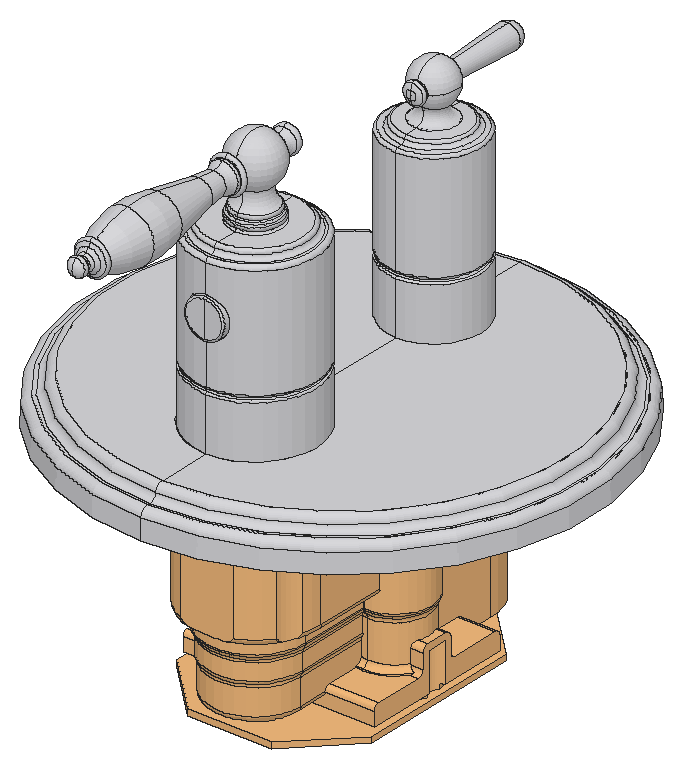
Revit family "Shower-Valve_Trim-KOHLER-MODULO-K-72814T_1", category Plumbing Fixtures, host Face, Revit 2017 (continued)
Definition of nested family "K-72814T"
  Lines and regions (in)
    symbolic lines, detail levels medium+fine
      curve 19: arc (0.04803, -0.80751, 0) -> (0.70719, -1.45426, 0) -> (0.16952, -2.20506, 0) r 0.70985
      curve 20: arc (0.03472, -0.6503, 0) -> (0.86323, -1.44475, 0) -> (0.17566, -2.36388, 0) r 0.86614
      curve 21: arc (0.13407, 1.34918, 0) -> (0.13265, 1.33232, 0) -> (0.14182, 1.3181, 0) r 0.02621
      curve 22: arc (0.14182, 1.3181, 0) -> (0.15368, 1.29949, 0) -> (0.15145, 1.27754, 0) r 0.03361
      curve 23: arc (0.14123, 1.2654, 0) -> (0.12346, 1.25428, 0) -> (0.1047, 1.24492, 0) r 0.21782
      curve 24: arc (0.1047, 1.24492, 0) -> (0.07067, 1.2336, 0) -> (0.03512, 1.22882, 0) r 0.1918
      curve 25: arc (0.03512, 1.22882, 0) -> (0.01756, 1.22804, 0) -> (0, 1.22713, 0) r 2.27439
      curve 26: arc (0.15145, 1.27754, 0) -> (0.14714, 1.27079, 0) -> (0.14123, 1.2654, 0) r 0.03042
      curve 27: line (0.66929, 0, 0.59055) -> (0.66929, 0, 1.33633)
      curve 28: line (0.66929, 0, 1.33633) -> (0.64735, 0, 1.35827)
      curve 29: line (0.77756, 0, 1.35827) -> (0, 0, 1.35827)
      curve 30: line (0.66929, 0, 1.33633) -> (0, 0, 1.33633)
      curve 31: line (0.58071, 0, 1.35827) -> (0.58071, 0, 1.40551)
      curve 32: line (0.77756, 0, 1.40551) -> (-0.77756, 0, 1.40551)
      curve 33: line (-0.66929, 0, 1.33633) -> (-0.64735, 0, 1.35827)
      curve 34: line (-0.77756, 0, 1.35827) -> (0, 0, 1.35827)
      curve 35: line (-0.66929, 0, 1.33633) -> (0, 0, 1.33633)
      curve 36: line (-0.66929, 0, 0.59055) -> (-0.66929, 0, 1.33633)
      curve 37: line (0.66929, 0, 1.4252) -> (0.66929, 0, 2.92762)
      curve 38: arc (0.64972, 0, 1.40551) -> (0.66357, 0, 1.41132) -> (0.66929, 0, 1.4252) r 0.01968
      curve 39: arc (0.66929, 0, 2.92762) -> (0.65995, 0, 2.95295) -> (0.6364, 0, 2.96613) r 0.03899
      curve 40: arc (0.6364, 0, 2.96613) -> (0.59911, 0, 2.97199) -> (0.56181, 0, 2.97773) r 13.19598
      curve 41: arc (0.56181, 0, 2.97773) -> (0.52686, 0, 2.99611) -> (0.51072, 0, 3.03215) r 0.06043
      curve 42: arc (0.51072, 0, 3.03215) -> (0.496, 0, 3.05561) -> (0.46967, 0, 3.06422) r 0.04069
      curve 43: arc (0.46967, 0, 3.06422) -> (0.42379, 0, 3.06926) -> (0.37788, 0, 3.07398) r 6.34023
      curve 44: arc (0.37788, 0, 3.07398) -> (0.34151, 0, 3.07747) -> (0.30513, 0, 3.08075) r 6.32446
      curve 45: arc (0.30513, 0, 3.08075) -> (0.23471, 0, 3.10772) -> (0.18921, 0, 3.16786) r 0.13707
      curve 46: arc (0.18921, 0, 3.16786) -> (0.18192, 0, 3.23079) -> (0.20613, 0, 3.28933) r 0.12619
      curve 47: circle (0, 0, 3.53149) r 0.17711 normal (0, -1, 0)
      curve 48: arc (0.20613, 0, 3.28933) -> (0.25292, 0, 3.33871) -> (0.28814, 0, 3.39692) r 0.31802
      curve 49: line (0.63563, 0, 3.17717) -> (0.18602, 0, 3.17717)
      curve 50: line (0.76629, 0, 3.0591) -> (0.49075, 0, 3.0591)
      curve 51: arc (-0.66929, 0, 2.92762) -> (-0.65995, 0, 2.95295) -> (-0.6364, 0, 2.96613) r 0.03899
      curve 52: arc (-0.6364, 0, 2.96613) -> (-0.59911, 0, 2.97199) -> (-0.56181, 0, 2.97773) r 13.19598
      curve 53: arc (-0.56181, 0, 2.97773) -> (-0.52686, 0, 2.99611) -> (-0.51072, 0, 3.03215) r 0.06043
      curve 54: arc (-0.51072, 0, 3.03215) -> (-0.496, 0, 3.05561) -> (-0.46967, 0, 3.06422) r 0.04069
      curve 55: arc (-0.46967, 0, 3.06422) -> (-0.42379, 0, 3.06926) -> (-0.37788, 0, 3.07398) r 6.34023
      curve 56: arc (-0.37788, 0, 3.07398) -> (-0.34151, 0, 3.07747) -> (-0.30513, 0, 3.08075) r 6.32446
      curve 57: arc (-0.30513, 0, 3.08075) -> (-0.23471, 0, 3.10772) -> (-0.18921, 0, 3.16786) r 0.13707
      curve 58: arc (-0.18921, 0, 3.16786) -> (-0.18192, 0, 3.23079) -> (-0.20613, 0, 3.28933) r 0.12619
      curve 59: line (-0.63563, 0, 3.17717) -> (-0.18602, 0, 3.17717)
      curve 60: line (-0.76629, 0, 3.0591) -> (-0.49075, 0, 3.0591)
      curve 61: line (-0.66929, 0, 1.4252) -> (-0.66929, 0, 2.92762)
      curve 62: line (0.86614, 0, 0.59055) -> (-0.86614, 0, 0.59055)
      curve 63: arc (-0.64972, 0, 1.40551) -> (-0.66357, 0, 1.41132) -> (-0.66929, 0, 1.4252) r 0.01968
      curve 64: line (0, 0.96457, 0.59055) -> (0, 2.30316, 0.59055)
      curve 65: line (0, -2.38188, 0.59055) -> (0, -0.6496, 0.59055)
      curve 66: line (0, -0.73818, 1.35827) -> (0, -2.2933, 1.35827)
      curve 67: line (0, -0.73818, 1.40551) -> (0, -2.2933, 1.40551)
      curve 68: line (0, -2.32976, 2.31112) -> (0, -2.38188, 2.60697)
      curve 69: line (0, -2.38188, 2.01526) -> (0, -2.32976, 2.31112)
      curve 70: line (0, -0.84914, 3.17717) -> (0, -2.18235, 3.17717)
      curve 71: line (0, -0.74905, 3.05905) -> (0, -2.2824, 3.05905)
      curve 72: line (0, 0.96457, 1.33633) -> (0, 2.30316, 1.33633)
      curve 73: line (0, 2.21457, 1.35827) -> (0, 1.05316, 1.35827)
      curve 74: line (0, 2.21457, 1.40551) -> (0, 1.05316, 1.40551)
      curve 75: spline (0, 1.83392, 3.28612) -> (0, 1.82694, 3.2851) -> (0, 1.80686, 3.28416) -> (0, 1.77505, 3.28335) -> (0, 1.73367, 3.28273) -> (0, 1.68552, 3.28234) -> (0, 1.63386, 3.2822) -> (0, 1.58221, 3.28234) -> (0, 1.53406, 3.28273) -> (0, 1.49268, 3.28335) -> (0, 1.46087, 3.28416) -> (0, 1.44079, 3.2851) -> (0, 1.43381, 3.28612)
      curve 76: line (0, 1.92158, 3.40435) -> (0, 1.92158, 3.65864)
      curve 77: line (0, 1.34918, 3.39742) -> (0, 1.34918, 3.66557)
      curve 78: line (0, 2.11126, 3.06343) -> (0, 1.1564, 3.06343)
      curve 79: line (0, 1.93909, 3.08058) -> (0, 1.328, 3.08058)
      curve 80: line (0, 0.99817, 2.96621) -> (0, 2.26957, 2.96621)
      curve 81: line (0, 2.30318, 2.92733) -> (0, 0.96473, 2.92733)
      curve 82: arc (0, -2.4002, 2.58267) -> (0, -2.36285, 2.30701) -> (0, -2.4002, 2.03135) r 1.03585
      curve 83: line (0, 3.36642, 0.3937) -> (0, -3.36794, 0.3937)
      curve 84: line (-0.30513, 0, 3.08075) -> (0.30513, 0, 3.08075)
      curve 85: line (0.47902, 0, 3.06343) -> (-0.47902, 0, 3.06343)
      curve 86: line (-0.51107, 0, 3.02906) -> (0.51107, 0, 3.02906)
      curve 87: line (-0.6359, 0, 2.96621) -> (0.63573, 0, 2.96621)
      curve 88: line (-3.36879, 0, 0.3937) -> (3.36879, 0, 0.3937)
      curve 89: line (0, -0.6496, 1.33633) -> (0, -2.38188, 1.33633)
      curve 90: line (0, 2.30318, 2.92733) -> (0, 0.96473, 2.92733)
      curve 91: arc (-0.31618, -3.1374, 0) -> (-0.36023, -3.32819, 0) -> (-0.38284, -3.52269, 0) r 1.76138
      curve 92: arc (0.31618, -3.1374, 0) -> (0.36023, -3.32819, 0) -> (0.38284, -3.52269, 0) r 1.76138
      curve 93: arc (-0.31618, -3.1374, 0) -> (-0.25729, -2.87163, 0) -> (-0.20977, -2.6036, 0) r 6.3914
      curve 94: arc (-0.20977, -2.6036, 0) -> (-0.18323, -2.43296, 0) -> (-0.1677, -2.26097, 0) r 2.68959
      curve 95: arc (-0.1677, -2.26097, 0) -> (-0.16867, -2.21274, 0) -> (-0.17712, -2.16525, 0) r 0.3095
      curve 96: arc (-0.17712, -2.16525, 0) -> (-0.19134, -2.12684, 0) -> (-0.21294, -2.09205, 0) r 0.204
      curve 97: line (-0.2238, -2.03479, 0) -> (-0.18477, -2.03479, 0)
      curve 98: arc (-0.21294, -2.09205, 0) -> (-0.21668, -2.05465, 0) -> (-0.18477, -2.03479, 0) r 0.03556
      curve 99: arc (-0.23573, -1.9653, 0) -> (-0.17331, -1.92794, 0) -> (-0.13028, -1.86927, 0) r 0.18371
      curve 100: arc (-0.2238, -2.03479, 0) -> (-0.25905, -2.00507, 0) -> (-0.23573, -1.9653, 0) r 0.03577
      curve 101: arc (-0.13028, -1.86927, 0) -> (-0.37426, -1.51498, 0) -> (-0.12189, -1.16661, 0) r 0.3728
      curve 102: arc (-0.12189, -1.16661, 0) -> (-0.1293, -1.08263, 0) -> (-0.17281, -1.01043, 0) r 0.18718
      curve 103: arc (-0.15403, -0.8991, 0) -> (-0.0914, -0.85634, 0) -> (-0.04209, -0.79873, 0) r 0.28819
      curve 104: arc (-0.17281, -1.01043, 0) -> (-0.19158, -0.95001, 0) -> (-0.15403, -0.8991, 0) r 0.07008
      curve 105: arc (0.12189, -1.16661, 0) -> (0.1293, -1.08263, 0) -> (0.17281, -1.01043, 0) r 0.18718
      curve 106: arc (0.15403, -0.8991, 0) -> (0.0914, -0.85634, 0) -> (0.04209, -0.79873, 0) r 0.28819
      curve 107: arc (0.17281, -1.01043, 0) -> (0.19158, -0.95001, 0) -> (0.15403, -0.8991, 0) r 0.07008
      curve 108: arc (-0.04209, -0.79873, 0) -> (0, -0.77587, 0) -> (0.04209, -0.79873, 0) r 0.05019
      curve 109: arc (0.31618, -3.1374, 0) -> (0.25729, -2.87163, 0) -> (0.20977, -2.6036, 0) r 6.3914
      curve 110: arc (0.20977, -2.6036, 0) -> (0.18323, -2.43296, 0) -> (0.1677, -2.26097, 0) r 2.68959
      curve 111: arc (0.1677, -2.26097, 0) -> (0.16867, -2.21274, 0) -> (0.17712, -2.16525, 0) r 0.3095
      curve 112: arc (0.17712, -2.16525, 0) -> (0.19134, -2.12684, 0) -> (0.21294, -2.09205, 0) r 0.204
      curve 113: line (0.2238, -2.03479, 0) -> (0.18477, -2.03479, 0)
      curve 114: arc (0.21294, -2.09205, 0) -> (0.21668, -2.05465, 0) -> (0.18477, -2.03479, 0) r 0.03556
      curve 115: arc (0.23573, -1.9653, 0) -> (0.17331, -1.92794, 0) -> (0.13028, -1.86927, 0) r 0.18371
      curve 116: arc (0.2238, -2.03479, 0) -> (0.25905, -2.00507, 0) -> (0.23573, -1.9653, 0) r 0.03577
      curve 117: arc (0.13028, -1.86927, 0) -> (0.37426, -1.51498, 0) -> (0.12189, -1.16661, 0) r 0.3728
      curve 118: arc (0.16861, -2.2759, 0) -> (0, -0.73711, 0) -> (-0.16861, -2.2759, 0) r 0.77863
      curve 119: line (-0.12189, -1.16661, 0) -> (0.12189, -1.16661, 0)
      curve 120: line (-0.18477, -2.03479, 0) -> (0.18477, -2.03479, 0)
      curve 121: line (-0.23573, -1.9653, 0) -> (0.23573, -1.9653, 0)
      curve 122: line (-0.12008, -1.14066, 0) -> (0.12008, -1.14066, 0)
      curve 123: line (-0.17281, -1.01043, 0) -> (0.17281, -1.01043, 0)
      curve 124: line (-0.17281, -0.91291, 0) -> (0.17281, -0.91291, 0)
      curve 125: line (-0.17712, -2.16525, 0) -> (0.17712, -2.16525, 0)
      curve 126: line (-0.16952, -2.20506, 0) -> (0.16952, -2.20506, 0)
      curve 127: line (-0.27575, -2.33682, 0) -> (-0.27575, -2.40106, 0)
      curve 128: line (-0.25426, -2.42255, 0) -> (-0.18198, -2.42255, 0)
      curve 129: line (0.27575, -2.33682, 0) -> (0.27575, -2.4022, 0)
      curve 130: arc (-0.27575, -2.40106, 0) -> (-0.26946, -2.41626, 0) -> (-0.25426, -2.42255, 0) r 0.02149
      curve 131: arc (0.2554, -2.42255, 0) -> (0.26979, -2.41659, 0) -> (0.27575, -2.4022, 0) r 0.02035
      curve 132: line (0.18198, -2.42255, 0) -> (0.2554, -2.42255, 0)
      curve 133: line (-0.20505, -4.35289, 0) -> (0.20505, -4.35289, 0)
      curve 134: line (-0.21441, -4.42696, 0) -> (0.21441, -4.42696, 0)
      curve 135: line (-0.08852, -4.55227, 0) -> (0.08852, -4.55227, 0)
      curve 136: line (-0.09985, -4.58939, 0) -> (0.09985, -4.58939, 0)
      curve 137: line (-0.12137, -4.67764, 0) -> (0.12137, -4.67764, 0)
      curve 138: arc (0.28021, 0, 3.68189) -> (0, 0, 3.84951) -> (-0.28021, 0, 3.68189) r 0.31802
      curve 139: arc (-0.28817, 0, 3.39699) -> (-0.25295, 0, 3.33874) -> (-0.20613, 0, 3.28933) r 0.31802
      curve 140: line (0, -0.91291, 3.77419) -> (0, -0.91291, 4.11959)
      curve 141: line (0, -1.01043, 3.77285) -> (0, -1.01043, 4.12094)
      curve 142: line (0, -4.35289, 3.74184) -> (0, -4.35289, 4.15195)
      curve 143: line (0, -4.42696, 3.7325) -> (0, -4.42696, 4.16128)
      curve 144: line (0, -4.55227, 3.85837) -> (0, -4.55227, 4.03541)
      curve 145: line (0, -4.58939, 3.84704) -> (0, -4.58939, 4.04674)
      curve 146: line (0, -4.67764, 3.82552) -> (0, -4.67764, 4.06826)
      curve 147: line (0, -1.86292, 3.81944) -> (0, -1.86292, 4.07434)
      curve 148: line (0, -1.96529, 3.71102) -> (0, -1.96529, 4.18276)
      curve 149: line (0, -2.16525, 3.76975) -> (0, -2.16525, 4.12403)
      curve 150: line (0, -2.20506, 3.77829) -> (0, -2.20506, 4.11549)
      curve 151: line (0, -2.03479, 3.76194) -> (0, -2.03479, 4.13184)
      curve 152: line (-0.31372, 0, 3.33989) -> (-0.25382, 0, 3.33989)
      curve 153: line (-0.32587, 0, 3.31564) -> (-0.23354, 0, 3.31564)
      curve 154: line (-0.34432, 0, 3.21656) -> (-0.18076, 0, 3.21656)
      curve 155: line (0.31372, 0, 3.33989) -> (0.25382, 0, 3.33989)
      curve 156: line (0.32587, 0, 3.31564) -> (0.23354, 0, 3.31564)
      curve 157: line (0.34432, 0, 3.21656) -> (0.18076, 0, 3.21656)
      curve 158: line (0, -1.20217, 3.33989) -> (0, -1.82932, 3.33989)
      curve 159: line (0, -1.19002, 3.31563) -> (0, -1.84146, 3.31563)
      curve 160: line (0, -1.17157, 3.21656) -> (0, -1.85992, 3.21656)
      curve 161: line (0, 0.96457, -0.75029) -> (0, 2.30315, -0.75029)
      curve 162: line (0, 1.20101, -0.84872) -> (0, 2.26692, -0.84872)
      curve 163: line (0, 1.18111, -3.02982) -> (0, 1.18111, -3.10856)
      curve 164: line (0, -1.1811, -3.02982) -> (0, -1.1811, -3.10856)
      curve 165: line (0, -0.80708, -3.32696) -> (0, -1.00393, -3.32696)
      curve 166: line (0, 0.80709, -3.32696) -> (0, 1.00394, -3.32696)
      curve 167: line (0, 1.02562, -3.02982) -> (0, -1.01043, -3.02982)
      curve 168: line (0, 1.02572, -2.95502) -> (0, -0.01176, -2.95502)
      curve 169: line (0, -0.01176, -2.95502) -> (0, -1.02561, -2.95502)
      curve 170: line (0, 0.75226, -2.97463) -> (0, -0.75226, -2.97463)
      curve 171: line (0, 0.72788, -3.02982) -> (0, 0.72788, -2.97463)
      curve 172: line (0, 0.29484, -3.02982) -> (0, 0.29484, -2.97463)
      curve 173: line (0, 0.21649, -2.97463) -> (0, 0.21649, -3.02982)
      curve 174: line (0, -0.21677, -2.97463) -> (0, -0.21677, -3.02982)
      curve 175: line (0, -0.29519, -2.97463) -> (0, -0.29519, -3.02982)
      curve 176: line (0, -0.72842, -3.02982) -> (0, -0.72842, -2.97463)
      curve 177: arc (0, 0.21649, -3.02982) -> (0, -0.00014, -3.01895) -> (0, -0.21677, -3.02982) r 2.16493
      curve 178: line (0, 0.1496, -2.95502) -> (0, 0.1496, -2.40384)
      curve 179: line (0, -0.14959, -2.40384) -> (0, 0.1496, -2.40384)
      curve 180: line (0, -0.14959, -2.40384) -> (0, -0.14959, -2.95502)
      curve 181: line (0, 1.12955, -2.7487) -> (0, 1.12955, -2.944)
      curve 182: line (0, 1.00921, -2.76811) -> (0, 1.00921, -2.93114)
      curve 183: line (0, 1.20799, -2.94922) -> (0, 1.20799, -2.74819)
      curve 184: line (0, 1.05201, -2.5922) -> (0, 1.01769, -2.5922)
      curve 185: line (0, 0.31639, -2.70275) -> (0, 0.77794, -2.70275)
      curve 186: line (0, 1.10162, -2.75985) -> (0, 1.10162, -2.93305)
      curve 187: line (0, 0.55594, -2.67089) -> (0, 0.7222, -2.67089)
      curve 188: line (0, 0.31635, -2.68552) -> (0, 0.72805, -2.68552)
      curve 189: arc (0, 1.08837, -2.71749) -> (0, 1.09823, -2.73766) -> (0, 1.10162, -2.75985) r 0.07432
      curve 190: arc (0, 1.08837, -2.68005) -> (0, 1.11847, -2.70867) -> (0, 1.12955, -2.7487) r 0.07781
      curve 191: line (0, 1.08837, -2.71749) -> (0, 1.08837, -2.63968)
      curve 192: arc (0, 1.08837, -2.63968) -> (0, 1.00406, -2.58689) -> (0, 0.90529, -2.57503) r 0.22793
      curve 193: arc (0, 0.7222, -2.63968) -> (0, 0.80652, -2.58689) -> (0, 0.90529, -2.57503) r 0.22793
      curve 194: line (0, 0.7222, -2.63968) -> (0, 1.08837, -2.63968)
      curve 195: line (0, 0.79288, -2.5922) -> (0, 0.47654, -2.5922)
      curve 196: line (0, 0.47758, -2.05107) -> (0, 0.47758, -2.59253)
      curve 197: line (0, 0.55399, -2.67089) -> (0, 0.55399, -2.05107)
      curve 198: arc (0, 0.47758, -2.59253) -> (0, 0.50053, -2.64794) -> (0, 0.55594, -2.67089) r 0.07836
      curve 199: arc (0, 0.55399, -2.05107) -> (0, 0.5875, -1.99179) -> (0, 0.60458, -1.92586) r 0.26163
      curve 200: line (0, 0.60458, -1.92586) -> (0, 0.60457, -1.23203)
      curve 201: line (0, 0.52781, -1.23203) -> (0, 0.52781, -1.92352)
      curve 202: arc (0, 0.52781, -1.92352) -> (0, 0.52488, -1.94446) -> (0, 0.51632, -1.96378) r 0.07629
      curve 203: arc (0, 0.51632, -1.96378) -> (0, 0.49393, -2.00609) -> (0, 0.47758, -2.05107) r 0.34663
      curve 204: arc (0, 0.60457, -1.23203) -> (0, 0.62695, -1.18783) -> (0, 0.63482, -1.13892) r 0.16096
      curve 205: arc (0, 0.53792, -1.19245) -> (0, 0.53038, -1.2116) -> (0, 0.52781, -1.23203) r 0.08249
      curve 206: arc (0, 0.5577, -1.13852) -> (0, 0.54982, -1.16622) -> (0, 0.53792, -1.19245) r 0.19357
      curve 207: line (0, 0.63482, -1.13892) -> (0, 0.63483, -0.91357)
      curve 208: line (0, 0.5577, -1.13852) -> (0, 0.5577, -0.91357)
      curve 209: arc (0, 0.5577, -0.91357) -> (0, 0.56056, -0.84816) -> (0, 0.5691, -0.78325) r 0.75046
      curve 210: arc (0, 0.63483, -0.91357) -> (0, 0.6384, -0.87317) -> (0, 0.64902, -0.83402) r 0.23011
      curve 211: line (0, -0.6496, -0.4349) -> (0, -2.38188, -0.4349)
      curve 212: line (0, -2.25413, -0.45502) -> (0, -0.67216, -0.45502)
      curve 213: arc (0, -0.77729, -0.50366) -> (0, -1.51572, -0.52398) -> (0, -2.25413, -0.50328) r 13.30041
      curve 214: arc (0, -0.91291, -0.59132) -> (0, -1.58626, -0.6031) -> (0, -2.25953, -0.58748) r 16.5561
      curve 215: arc (0, -2.25953, -0.58748) -> (0, -2.28904, -0.58294) -> (0, -2.31686, -0.57212) r 0.13706
      curve 216: arc (0, -0.69887, -0.57337) -> (0, -0.80539, -0.58829) -> (0, -0.91291, -0.59132) r 0.96942
      curve 217: line (0, -0.74318, -1.70673) -> (0, -0.74318, -0.60278)
      curve 218: line (0, -0.77925, -1.6262) -> (0, -0.77925, -0.68147)
      curve 219: line (0, -1.03176, -0.68147) -> (0, -1.03176, -1.6262)
      curve 220: line (0, -1.06784, -0.59646) -> (0, -1.06784, -1.70676)
      curve 221: line (0, -2.05986, -1.63017) -> (0, -2.05986, -0.67582)
      curve 222: line (0, -0.15924, -2.33967) -> (0, 0.15924, -2.33967)
      curve 223: line (0, -0.6496, -0.4349) -> (0, -0.6496, 0)
      curve 224: line (0, -0.6496, -0.43246) -> (0, -0.67216, -0.45502)
      curve 225: line (0, -0.77729, -0.45502) -> (0, -0.77729, -0.50366)
      curve 226: arc (0, -0.69887, -0.57337) -> (0, -0.75145, -0.55356) -> (0, -0.77729, -0.50366) r 0.07843
      curve 227: line (0, -0.69887, -0.57337) -> (0, -0.53182, -0.57337)
      curve 228: line (0, 0.11811, -0.52982) -> (0, -0.11811, -0.52982)
      curve 229: line (0, -0.50796, -0.54951) -> (0, 0.50895, -0.54951)
      curve 230: line (0, -0.59707, -0.65974) -> (0, 0.5687, -0.65974)
      curve 231: line (0, 0.5212, -0.56176) -> (0, -0.52021, -0.56176)
      curve 232: line (0, 0.53191, -0.57247) -> (0, 0.53191, -0.64633)
      curve 233: line (0, 0.53191, -0.64633) -> (0, 0.50314, -0.65974)
      curve 234: arc (0, 1.63765, -0.91357) -> (0, 2.00992, -0.91289) -> (0, 2.38189, -0.89769) r 9.5377
      curve 235: line (0, 0.5577, -0.91357) -> (0, 1.63765, -0.91357)
      curve 236: arc (0, 0.47758, -2.59253) -> (0, 0.37713, -2.60147) -> (0, 0.2763, -2.60308) r 1.38505
      curve 237: line (0, 0.2763, -2.60308) -> (0, 0.2763, -2.39819)
      curve 238: arc (0, 0.13867, -2.2434) -> (0, 0.23993, -2.29195) -> (0, 0.2763, -2.39819) r 0.14525
      curve 239: arc (0, 0.13867, -2.2434) -> (0, 0.00637, -2.24498) -> (0, -0.12593, -2.24275) r 4.58935
      curve 240: line (0, -0.2763, -2.38849) -> (0, -0.2763, -2.60308)
      curve 241: arc (0, -0.12593, -2.24275) -> (0, -0.23197, -2.28378) -> (0, -0.2763, -2.38849) r 0.14581
      curve 242: arc (0, 1.20799, -2.74819) -> (0, 1.16231, -2.63789) -> (0, 1.05201, -2.5922) r 0.15598
      curve 243: arc (0, 1.00921, -2.7636) -> (0, 1.00007, -2.73669) -> (0, 0.97882, -2.71782) r 0.05558
      curve 244: line (0, 1.08837, -2.71782) -> (0, 0.7927, -2.71782)
      curve 245: arc (0, 0.72805, -2.68552) -> (0, 0.76418, -2.69404) -> (0, 0.7927, -2.71782) r 0.08087
      curve 246: line (0, 0.22165, -2.40208) -> (0, 0.22165, -2.60801)
      curve 247: arc (0, 0.15924, -2.33967) -> (0, 0.20337, -2.35795) -> (0, 0.22165, -2.40208) r 0.06241
      curve 248: arc (0, 0.22165, -2.60801) -> (0, 0.2494, -2.675) -> (0, 0.31639, -2.70275) r 0.09474
      curve 249: line (0, 0.23888, -2.39973) -> (0, 0.23888, -2.60805)
      curve 250: arc (0, 0.23888, -2.60805) -> (0, 0.26157, -2.66283) -> (0, 0.31635, -2.68552) r 0.07747
      curve 251: arc (0, 0.16292, -2.32207) -> (0, -0.00047, -2.32432) -> (0, -0.16385, -2.32203) r 5.87315
      curve 252: arc (0, 0.15919, -2.32217) -> (0, 0.2154, -2.34413) -> (0, 0.23888, -2.39973) r 0.07759
      curve 253: line (0, -0.1496, -2.95502) -> (0, -0.1496, -2.40384)
      curve 254: line (0, -1.12955, -2.7487) -> (0, -1.12955, -2.944)
      curve 255: line (0, -1.00921, -2.76811) -> (0, -1.00921, -2.93114)
      curve 256: line (0, -0.31639, -2.70275) -> (0, -0.77794, -2.70275)
      curve 257: line (0, -1.10162, -2.75985) -> (0, -1.10162, -2.93305)
      curve 258: line (0, -0.55399, -2.67089) -> (0, -0.7222, -2.67089)
      curve 259: line (0, -0.31635, -2.68552) -> (0, -0.72805, -2.68552)
      curve 260: arc (0, -1.08837, -2.71749) -> (0, -1.09823, -2.73766) -> (0, -1.10162, -2.75985) r 0.07432
      curve 261: arc (0, -1.08837, -2.68005) -> (0, -1.11847, -2.70867) -> (0, -1.12955, -2.7487) r 0.07781
      curve 262: line (0, -1.08837, -2.71749) -> (0, -1.08837, -2.63968)
      curve 263: arc (0, -1.08837, -2.63968) -> (0, -1.00406, -2.58689) -> (0, -0.90529, -2.57503) r 0.22793
      curve 264: arc (0, -0.7222, -2.63968) -> (0, -0.80652, -2.58689) -> (0, -0.90529, -2.57503) r 0.22793
      curve 265: line (0, -0.7222, -2.63968) -> (0, -1.08837, -2.63968)
      curve 266: arc (0, -0.46893, -2.59359) -> (0, -0.37278, -2.60169) -> (0, -0.2763, -2.60308) r 1.38505
      curve 267: arc (0, -0.13867, -2.2434) -> (0, -0.23996, -2.29199) -> (0, -0.2763, -2.3983) r 0.14525
      curve 268: arc (0, -1.00921, -2.7636) -> (0, -1.00007, -2.73669) -> (0, -0.97882, -2.71782) r 0.05558
      curve 269: line (0, -1.08837, -2.71782) -> (0, -0.7927, -2.71782)
      curve 270: arc (0, -0.72805, -2.68552) -> (0, -0.76418, -2.69404) -> (0, -0.7927, -2.71782) r 0.08087
      curve 271: line (0, -0.22165, -2.40208) -> (0, -0.22165, -2.60801)
      curve 272: arc (0, -0.15924, -2.33967) -> (0, -0.20337, -2.35795) -> (0, -0.22165, -2.40208) r 0.06241
      curve 273: arc (0, -0.22165, -2.60801) -> (0, -0.2494, -2.675) -> (0, -0.31639, -2.70275) r 0.09474
      curve 274: line (0, -0.23888, -2.39973) -> (0, -0.23888, -2.60805)
      curve 275: arc (0, -0.23888, -2.60805) -> (0, -0.26157, -2.66283) -> (0, -0.31635, -2.68552) r 0.07747
      curve 276: arc (0, -0.15919, -2.32217) -> (0, -0.2154, -2.34413) -> (0, -0.23888, -2.39973) r 0.07759
      curve 277: line (0, 0.7222, -2.63968) -> (0, 0.7222, -2.68552)
      curve 278: line (0, -0.7222, -2.63968) -> (0, -0.7222, -2.68552)
      curve 279: line (0, -0.57563, -2.38556) -> (0, -2.15565, -2.38556)
      curve 280: line (0, -2.1661, -2.34619) -> (0, -0.56431, -2.34619)
      curve 281: line (0, -0.57413, -2.33159) -> (0, -2.17332, -2.33159)
      curve 282: line (0, -2.18565, -2.29222) -> (0, -0.57304, -2.29222)
      curve 283: line (0, -2.18565, -2.05108) -> (0, 0.55399, -2.05108)
      curve 284: line (0, -2.19617, -2.01155) -> (0, -0.57217, -2.01155)
      curve 285: line (0, -2.2256, -1.96285) -> (0, -0.59754, -1.96285)
      curve 286: line (0, -2.23448, -1.92348) -> (0, 0.60458, -1.92348)
      curve 287: line (0, -0.61814, -1.78549) -> (0, -1.51574, -1.78549)
      curve 288: line (0, -0.61635, -1.70672) -> (0, -1.51574, -1.7068)
      curve 289: line (0, -0.5288, -1.96285) -> (0, 0.51689, -1.96285)
      curve 290: line (0, -0.50072, -2.01163) -> (0, 0.49153, -2.01163)
      curve 291: arc (0, -0.5288, -1.96285) -> (0, -0.56317, -1.95415) -> (0, -0.59754, -1.96285) r 0.0722
      curve 292: arc (0, -0.5051, -2.01172) -> (0, -0.53862, -2.00462) -> (0, -0.57217, -2.01155) r 0.08369
      curve 293: line (0, -1.51574, -2.8369) -> (0, -1.23592, -2.8369)
      curve 294: line (0, -1.22293, -2.75821) -> (0, -1.51574, -2.75821)
      curve 295: arc (0, -1.51574, -2.75821) -> (0, -1.83603, -2.76338) -> (0, -2.15598, -2.77888) r 9.92824
      curve 296: arc (0, -2.07676, -2.85659) -> (0, -1.79643, -2.84183) -> (0, -1.51574, -2.8369) r 8.0033
      curve 297: line (0, -0.59707, -1.13843) -> (0, -0.59707, -0.65974)
      curve 298: line (0, -0.5648, -1.23813) -> (0, -0.56481, -1.6262)
      curve 299: line (0, -0.49308, -1.6262) -> (0, -0.49308, -1.22359)
      curve 300: arc (0, -0.53928, -1.78483) -> (0, -0.50487, -1.70881) -> (0, -0.49308, -1.6262) r 0.29549
      curve 301: arc (0, -0.56481, -1.6262) -> (0, -0.57928, -1.67443) -> (0, -0.61793, -1.70672) r 0.08758
      curve 302: line (0, -0.53928, -1.92348) -> (0, -0.53928, -1.78378)
      curve 303: line (0, -0.61814, -1.78549) -> (0, -0.61814, -1.92348)
      curve 304: arc (0, -0.53928, -1.78378) -> (0, -0.56185, -1.72928) -> (0, -0.61635, -1.70672) r 0.07706
      curve 305: line (0, -0.49308, -1.6262) -> (0, -1.78803, -1.6262)
      curve 306: arc (0, -2.05986, -1.63017) -> (0, -2.21537, -1.63611) -> (0, -2.37076, -1.64473) r 9.05727
      curve 307: line (0, -1.78803, -1.6262) -> (0, -1.78803, -0.67582)
      curve 308: arc (0, -1.78803, -0.67582) -> (0, -1.8076, -0.62858) -> (0, -1.85484, -0.60902) r 0.06681
      curve 309: arc (0, -1.85484, -0.60902) -> (0, -1.9161, -0.60383) -> (0, -1.97736, -0.60902) r 0.36422
      curve 310: arc (0, -1.97736, -0.60902) -> (0, -2.03058, -0.62764) -> (0, -2.05986, -0.67582) r 0.08356
      curve 311: arc (0, -1.78803, -1.63017) -> (0, -1.8076, -1.67741) -> (0, -1.85484, -1.69698) r 0.06681
      curve 312: arc (0, -1.85484, -1.69698) -> (0, -1.9161, -1.70216) -> (0, -1.97736, -1.69698) r 0.36422
      curve 313: arc (0, -1.97736, -1.69698) -> (0, -2.03058, -1.67835) -> (0, -2.05986, -1.63017) r 0.08356
      curve 314: line (0, -0.52474, -1.13843) -> (0, -0.52474, -0.68269)
      curve 315: arc (0, -1.03176, -1.6262) -> (0, -1.04069, -1.66997) -> (0, -1.06605, -1.70676) r 0.1118
      curve 316: arc (0, -0.74318, -1.70673) -> (0, -0.76982, -1.67032) -> (0, -0.77925, -1.6262) r 0.10793
      curve 317: arc (0, -1.06784, -0.60278) -> (0, -1.04121, -0.63819) -> (0, -1.03176, -0.68147) r 0.10387
      curve 318: arc (0, -0.77925, -0.68147) -> (0, -0.76981, -0.63819) -> (0, -0.74318, -0.60278) r 0.10387
      curve 319: line (0, 0.63482, -1.13843) -> (0, -0.59707, -1.13843)
      curve 320: line (0, 0.6137, -1.2178) -> (0, 0.54482, -1.17854)
      curve 321: line (0, 0.54525, -1.17756) -> (0, -0.5101, -1.17756)
      curve 322: arc (0, -0.5648, -1.23813) -> (0, -0.59057, -1.19145) -> (0, -0.59967, -1.13892) r 0.16096
      curve 323: arc (0, -0.50277, -1.19245) -> (0, -0.49637, -1.20754) -> (0, -0.49308, -1.22359) r 0.08249
      curve 324: arc (0, -0.52256, -1.13843) -> (0, -0.51468, -1.16618) -> (0, -0.50277, -1.19245) r 0.19357
      curve 325: line (0, -0.57854, -1.2178) -> (0, -0.50966, -1.17854)
      curve 326: line (0, 0.60457, -1.23203) -> (0, -0.56682, -1.23203)
      curve 327: line (0, 0.60457, -1.23203) -> (0, 0.53792, -1.19245)
      curve 328: line (0, 0.53792, -1.19245) -> (0, -0.50277, -1.19245)
      curve 329: line (0, -0.50277, -1.19245) -> (0, -0.56682, -1.23203)
      curve 330: arc (0, 0.55399, -2.67089) -> (0, 0.43763, -2.67941) -> (0, 0.32101, -2.68258) r 2.53753
      curve 331: line (0, 0.24182, -2.39881) -> (0, 0.24182, -2.60372)
      curve 332: arc (0, 0.32101, -2.68258) -> (0, 0.26503, -2.65959) -> (0, 0.24182, -2.60372) r 0.07886
      curve 333: arc (0, -0.55399, -2.67089) -> (0, -0.43763, -2.67941) -> (0, -0.32101, -2.68258) r 2.53753
      curve 334: line (0, -0.24182, -2.39785) -> (0, -0.24182, -2.60372)
      curve 335: arc (0, -0.32101, -2.68258) -> (0, -0.26503, -2.65959) -> (0, -0.24182, -2.60372) r 0.07886
      curve 336: arc (0, 0.16292, -2.32207) -> (0, 0.21858, -2.34378) -> (0, 0.24182, -2.39881) r 0.07678
      curve 337: arc (0, -0.16385, -2.32203) -> (0, -0.21885, -2.34348) -> (0, -0.24182, -2.39785) r 0.07585
      curve 338: arc (0, 0.15919, -2.32217) -> (0, 0.14717, -2.30569) -> (0, 0.14227, -2.28589) r 0.05299
      curve 339: arc (0, 0.14227, -2.28589) -> (0, 0.13946, -2.26473) -> (0, 0.13867, -2.2434) r 0.22339
      curve 340: arc (0, 0.12871, -2.32292) -> (0, 0.11611, -2.30619) -> (0, 0.11097, -2.28589) r 0.05299
      curve 341: arc (0, 0.11097, -2.28589) -> (0, 0.10819, -2.26509) -> (0, 0.10737, -2.24412) r 0.22339
      curve 342: arc (0, -0.15919, -2.32217) -> (0, -0.14717, -2.30569) -> (0, -0.14227, -2.28589) r 0.05299
      curve 343: arc (0, -0.14227, -2.28589) -> (0, -0.13946, -2.26473) -> (0, -0.13867, -2.2434) r 0.22339
      curve 344: arc (0, -0.12871, -2.32291) -> (0, -0.11611, -2.30619) -> (0, -0.11097, -2.28589) r 0.05299
      curve 345: arc (0, -0.11097, -2.28589) -> (0, -0.10815, -2.26468) -> (0, -0.10738, -2.24329) r 0.22339
      curve 346: line (0, 2.0541, -2.95294) -> (0, 2.0541, -1.77391)
      curve 347: line (0, 1.82066, -2.94991) -> (0, 1.82066, -1.77391)
      curve 348: line (0, 1.82066, -1.77391) -> (0, 2.0541, -1.77391)
      curve 349: line (0, 1.23878, -0.8684) -> (0, 2.32257, -0.8684)
      curve 350: arc (0, 1.23878, -0.8684) -> (0, 1.18949, -0.84459) -> (0, 1.1356, -0.83488) r 0.20203
      curve 351: arc (0, 1.1356, -0.83488) -> (0, 0.98736, -0.82884) -> (0, 0.83909, -0.82329) r 45.25604
      curve 352: arc (0, 0.83909, -0.82329) -> (0, 0.79324, -0.81909) -> (0, 0.74814, -0.80983) r 0.41409
      curve 353: line (0, 0.74814, -0.80983) -> (0, 0.7142, -0.80983)
      curve 354: line (0, 0.63551, -0.73115) -> (0, 0.63551, -0.64418)
      curve 355: arc (0, 0.7142, -0.80983) -> (0, 0.65856, -0.78678) -> (0, 0.63551, -0.73115) r 0.07868
      curve 356: line (0, 0.5687, -0.74196) -> (0, 0.5687, -0.65974)
      curve 357: line (0, 0.57489, -0.75619) -> (0, 0.63249, -0.7332)
      curve 358: line (0, 0.5687, -0.67954) -> (0, 0.63249, -0.65407)
      curve 359: line (0, 0.71093, -0.81189) -> (0, 0.6541, -0.83457)
      curve 360: line (0, 0.66161, -0.83488) -> (0, 1.1356, -0.83488)
      curve 361: arc (0, 0.5687, -0.74196) -> (0, 0.59591, -0.80766) -> (0, 0.66161, -0.83488) r 0.09291
      curve 362: line (0, -0.59707, -0.68149) -> (0, -0.77944, -0.68149)
      curve 363: line (0, -0.77944, -0.68149) -> (0, -1.02944, -0.68149)
      curve 364: line (0, -1.02944, -0.68149) -> (0, -1.78803, -0.68149)
      curve 365: arc (0, -2.35195, -0.66456) -> (0, -2.20595, -0.67137) -> (0, -2.05986, -0.67582) r 9.08051
      curve 366: arc (0, -2.35195, -0.66456) -> (0, -2.36959, -0.66211) -> (0, -2.38188, -0.64922) r 0.02706
      curve 367: line (0, -0.50796, -0.54951) -> (0, -0.53182, -0.57337)
      curve 368: line (0, -0.53182, -0.57337) -> (0, -0.53182, -0.63761)
      curve 369: line (0, -0.50969, -0.65974) -> (0, -0.53182, -0.63761)
      curve 370: arc (0, -0.52474, -0.68269) -> (0, -0.5236, -0.67099) -> (0, -0.52021, -0.65974) r 0.06033
      curve 371: arc (0, 0.5687, -0.67954) -> (0, -0.01419, -0.684) -> (0, -0.59707, -0.67954) r 38.01423
      curve 372: line (0, -0.57304, -2.05108) -> (0, -0.57304, -2.29222)
      curve 373: line (0, -0.57563, -2.58723) -> (0, -0.57563, -2.38556)
      curve 374: line (0, -0.57563, -2.38556) -> (0, -0.57304, -2.29222)
      curve 375: line (0, -0.49719, -2.58723) -> (0, -0.49719, -2.38556)
      curve 376: line (0, -0.4946, -2.29222) -> (0, -0.4946, -2.05108)
      curve 377: arc (0, -0.56431, -2.34619) -> (0, -0.5254, -2.35676) -> (0, -0.49719, -2.38556) r 0.07691
      curve 378: arc (0, -0.49644, -2.37097) -> (0, -0.53058, -2.342) -> (0, -0.57413, -2.33159) r 0.09633
      curve 379: arc (0, -0.57304, -2.29222) -> (0, -0.53231, -2.28622) -> (0, -0.49464, -2.30285) r 0.07425
      curve 380: arc (0, -0.49719, -2.38556) -> (0, -0.49525, -2.33891) -> (0, -0.4946, -2.29222) r 1.68756
      curve 381: line (0, -0.7222, -2.66505) -> (0, -0.57501, -2.66505)
      curve 382: arc (0, -0.57501, -2.66505) -> (0, -0.51998, -2.64226) -> (0, -0.49719, -2.58723) r 0.07783
      curve 383: line (0, -0.49719, -2.58723) -> (0, -0.80557, -2.58723)
      curve 384: line (0, -1.06502, -2.58636) -> (0, -1.00254, -2.58636)
      curve 385: arc (0, -1.06502, -2.58636) -> (0, -1.17646, -2.63252) -> (0, -1.22262, -2.74396) r 0.1576
      curve 386: arc (0, -1.22262, -2.74396) -> (0, -1.22596, -2.79091) -> (0, -1.23592, -2.8369) r 0.33149
      curve 387: arc (0, -1.08837, -2.66893) -> (0, -1.12916, -2.69654) -> (0, -1.14445, -2.74335) r 0.07597
      curve 388: arc (0, -1.14445, -2.74335) -> (0, -1.14709, -2.82977) -> (0, -1.15748, -2.9156) r 0.96176
      curve 389: arc (0, -1.15748, -2.9156) -> (0, -1.18058, -2.85982) -> (0, -1.23636, -2.83672) r 0.07888
      curve 390: line (0, -1.15748, -2.9156) -> (0, -1.20644, -2.93538)
      curve 391: line (0, -1.23592, -2.8369) -> (0, -1.28524, -2.85659)
      curve 392: arc (0, 1.00921, -2.93114) -> (0, 1.00222, -2.94802) -> (0, 0.98533, -2.95502) r 0.02388
      curve 393: arc (0, 1.20799, -2.94922) -> (0, 1.15355, -2.94936) -> (0, 1.10162, -2.93305) r 0.17806
      curve 394: line (0, 1.00921, -2.93114) -> (0, 1.10162, -2.93305)
      curve 395: line (0, 1.20799, -2.74819) -> (0, 1.13073, -2.74819)
      curve 396: line (0, 1.13073, -2.74819) -> (0, 1.10162, -2.75985)
      curve 397: line (0, -1.00921, -2.93114) -> (0, -1.10162, -2.93305)
      curve 398: line (0, -1.22362, -2.7433) -> (0, -1.14292, -2.7433)
      curve 399: line (0, -1.14292, -2.7433) -> (0, -1.10162, -2.75985)
      curve 400: line (0, -1.06551, -2.61991) -> (0, -1.06551, -2.58661)
      curve 401: arc (0, 0.78516, -2.95502) -> (0, 0.74775, -2.99242) -> (0, 0.78516, -3.02982) r 0.0374
      curve 402: arc (0, -0.78516, -2.95502) -> (0, -0.74775, -2.99242) -> (0, -0.78516, -3.02982) r 0.0374
      curve 403: line (0, -0.49719, -2.58723) -> (0, -0.46893, -2.59359)
      curve 404: line (0, 1.63777, -2.94922) -> (0, 1.63777, -0.8684)
      curve 405: line (0, 0.96457, -0.75029) -> (0, 0.96457, 0)
      curve 406: line (0, 0.98442, -0.75029) -> (0, 0.98442, -0.82873)
      curve 407: line (0, -0.62174, -0.60278) -> (0, -0.74318, -0.60278)
      curve 408: arc (0, -0.59707, -0.65974) -> (0, -0.60646, -0.62999) -> (0, -0.62174, -0.60278) r 0.15154
      curve 409: line (0, -0.74318, -0.60278) -> (0, -1.51884, -0.60278)
      curve 410: line (0, 0.53191, -0.57337) -> (0, 0.5647, -0.57337)
      curve 411: arc (0, 0.5647, -0.57337) -> (0, 0.61477, -0.59411) -> (0, 0.63551, -0.64418) r 0.07081
      curve 412: line (0, 0.50895, -0.54951) -> (0, 0.53191, -0.57247)
      curve 413: arc (0, -1.51574, -1.7068) -> (0, -1.90554, -1.71068) -> (0, -2.29517, -1.72226) r 19.7451
      curve 414: arc (0, -1.51574, -1.78549) -> (0, -1.87533, -1.79206) -> (0, -2.23443, -1.81177) r 9.84117
      curve 415: line (0, -2.37076, -1.64473) -> (0, -2.37076, -0.66147)
      curve 416: line (0, -2.35195, -1.64311) -> (0, -2.35195, -0.66456)
      curve 417: arc (0, -2.28515, -1.72187) -> (0, -2.333, -1.69475) -> (0, -2.35195, -1.64311) r 0.07983
      curve 418: arc (0, -2.28515, -1.72187) -> (0, -2.34512, -1.70235) -> (0, -2.37076, -1.64473) r 0.07756
      curve 419: arc (0, -2.29517, -1.72226) -> (0, -2.3144, -1.72424) -> (0, -2.33322, -1.7286) r 0.15427
      curve 420: line (0.66957, 0, 0) -> (0.66957, 0, -0.75029)
      curve 421: line (1.28098, 0, -0.56156) -> (0.66957, 0, -0.56156)
      curve 422: line (0.66957, 0, -0.57221) -> (1.28207, 0, -0.57221)
      curve 423: line (0.66957, 0, -0.63682) -> (1.28207, 0, -0.63682)
      curve 424: line (0.66957, 0, -0.64792) -> (1.28098, 0, -0.64792)
      curve 425: line (0.66957, 0, -0.65925) -> (1.25914, 0, -0.65925)
      curve 426: line (0.79878, 0, -0.68497) -> (1.31892, 0, -0.68497)
      curve 427: arc (0.66957, 0, -0.68046) -> (0.73413, 0, -0.68384) -> (0.79878, 0, -0.68497) r 1.85232
      curve 428: line (0.79878, 0, -0.7747) -> (0.79878, 0, -0.65925)
      curve 429: line (0.71533, 0, -0.75029) -> (0.00027, 0, -0.75029)
      curve 430: line (0.87016, 0, -0.90512) -> (0.87016, 0, -1.19271)
      curve 431: arc (0.87016, 0, -0.90512) -> (0.82481, 0, -0.79564) -> (0.71533, 0, -0.75029) r 0.15483
      curve 432: line (0.72951, 0, -0.83455) -> (0.00028, 0, -0.83455)
      curve 433: line (0.80808, 0, -2.95198) -> (0.80808, 0, -0.91312)
      curve 434: arc (0.80808, 0, -0.91312) -> (0.78507, 0, -0.85756) -> (0.72951, 0, -0.83455) r 0.07857
      curve 435: line (0.65034, 0, -0.83455) -> (0.65034, 0, -0.75029)
      curve 436: line (0.80808, 0, -0.91312) -> (0.29981, 0, -0.89537)
      curve 437: line (0.80808, 0, -0.91312) -> (0.87016, 0, -0.91312)
      curve 438: arc (0.7661, 0, -0.84359) -> (0.78221, 0, -0.8092) -> (0.80154, 0, -0.77651) r 0.39647
      curve 439: arc (0.7321, 0, -0.83459) -> (0.72753, 0, -0.79549) -> (0.7321, 0, -0.75639) r 0.16948
      curve 440: line (0.24757, 0, -0.86846) -> (0.79416, 0, -0.86846)
      curve 441: line (0.30326, 0, -2.44776) -> (0.30326, 0, -0.92298)
      curve 442: arc (0.30326, 0, -0.92298) -> (0.29967, 0, -0.89482) -> (0.28913, 0, -0.86846) r 0.11222
      curve 443: arc (0.30326, 0, -0.92298) -> (0.28192, 0, -0.89053) -> (0.24948, 0, -0.8692) r 0.09596
      curve 444: arc (0.24948, 0, -0.8692) -> (0.12596, 0, -0.84393) -> (0, 0, -0.83856) r 0.7927
      curve 445: line (0.30326, 0, -1.19237) -> (0.39185, 0, -1.19237)
      curve 446: line (0.39185, 0, -1.19237) -> (0.39185, 0, -2.44983)
      curve 447: line (1.3185, 0, -1.13838) -> (0.80808, 0, -1.13838)
      curve 448: line (1.30848, 0, -1.17752) -> (0.87156, 0, -1.17752)
      curve 449: arc (0.87156, 0, -1.17752) -> (0.8353, 0, -1.18686) -> (0.80808, 0, -1.21257) r 0.07501
      curve 450: line (1.30095, 0, -1.19271) -> (0.87131, 0, -1.19271)
      curve 451: arc (0.87131, 0, -1.19271) -> (0.83409, 0, -1.20333) -> (0.80808, 0, -1.23199) r 0.07053
      curve 452: line (1.28952, 0, -1.23199) -> (0.80808, 0, -1.23199)
      curve 453: line (1.28952, 0, -1.92352) -> (0.80808, 0, -1.92352)
      curve 454: line (1.27918, 0, -1.96285) -> (0.87111, 0, -1.96285)
      curve 455: arc (0.87111, 0, -1.96285) -> (0.83481, 0, -1.97249) -> (0.80808, 0, -1.99887) r 0.07316
      curve 456: line (1.25152, 0, -2.01172) -> (0.87153, 0, -2.01172)
      curve 457: arc (0.87153, 0, -2.01172) -> (0.8342, 0, -2.02236) -> (0.80808, 0, -2.05107) r 0.07084
      curve 458: line (1.24173, 0, -2.05107) -> (0.80808, 0, -2.05107)
      curve 459: line (1.21867, 0, -2.39825) -> (1.21867, 0, -2.57595)
      curve 460: line (1.15626, 0, -2.39825) -> (1.15626, 0, -2.57438)
      curve 461: arc (1.30295, 0, -2.3225) -> (1.24393, 0, -2.34159) -> (1.21867, 0, -2.39825) r 0.07618
      curve 462: arc (1.19816, 0, -2.25905) -> (1.16696, 0, -2.32557) -> (1.15626, 0, -2.39825) r 0.25221
      curve 463: arc (1.24095, 0, -2.24522) -> (1.21713, 0, -2.24465) -> (1.19816, 0, -2.25905) r 0.03606
      curve 464: arc (1.34455, 0, -2.63968) -> (1.26221, 0, -2.58672) -> (1.165, 0, -2.57509) r 0.21814
      curve 465: arc (1.165, 0, -2.57509) -> (1.0648, 0, -2.58686) -> (0.97885, 0, -2.63968) r 0.23428
      curve 466: line (1.34455, 0, -2.63968) -> (0.97885, 0, -2.63968)
      curve 467: line (1.34455, 0, -2.63968) -> (1.34455, 0, -2.68534)
      curve 468: line (1.34455, 0, -2.68534) -> (1.01549, 0, -2.68534)
      curve 469: line (0.97885, 0, -2.63968) -> (0.97885, 0, -2.67426)
      curve 470: line (1.30295, 0, -2.60689) -> (1.30295, 0, -2.4012)
      curve 471: line (1.21867, 0, -2.39825) -> (1.30295, 0, -2.4012)
      curve 472: line (1.30295, 0, -2.4012) -> (1.34814, 0, -2.4012)
      curve 473: line (1.30295, 0, -2.4012) -> (1.30295, 0, -2.3225)
      curve 474: line (1.34814, 0, -2.60689) -> (1.30295, 0, -2.60689)
      curve 475: line (1.34814, 0, -2.71886) -> (1.05381, 0, -2.71886)
      curve 476: arc (1.05381, 0, -2.71886) -> (1.02114, 0, -2.68847) -> (0.97885, 0, -2.67426) r 0.10572
      curve 477: line (1.34814, 0, -2.76366) -> (0.87779, 0, -2.74723)
      curve 478: line (0.87779, 0, -2.74723) -> (0.80808, 0, -2.74723)
      curve 479: line (0.97885, 0, -2.67426) -> (0.8844, 0, -2.67426)
      curve 480: line (1.03581, 0, -2.59916) -> (0.86781, 0, -2.59226)
      curve 481: line (0.86781, 0, -2.59226) -> (0.80808, 0, -2.59226)
      curve 482: line (1.19925, 0, -2.71886) -> (1.19925, 0, -2.95502)
      curve 483: line (1.34814, 0, -2.92996) -> (0.87996, 0, -2.94426)
      curve 484: arc (0.87996, 0, -2.94426) -> (0.84387, 0, -2.94675) -> (0.80808, 0, -2.95198) r 0.47289
      curve 485: line (1.28446, 0, -2.95502) -> (0, 0, -2.95502)
      curve 486: arc (0.8802, 0, -2.95502) -> (0.84411, 0, -2.95426) -> (0.80808, 0, -2.95198) r 0.85909
      curve 487: arc (0.23315, 0, -1.23199) -> (0.11686, 0, -1.24431) -> (0, 0, -1.24843) r 1.6636
      curve 488: arc (0.30326, 0, -1.19237) -> (0.27195, 0, -1.21881) -> (0.23315, 0, -1.23199) r 0.11029
      curve 489: arc (0.23315, 0, -1.23199) -> (0.31467, 0, -1.22087) -> (0.39185, 0, -1.19237) r 0.3779
      curve 490: line (0.39185, 0, -1.19237) -> (0.35646, 0, -1.23199)
      curve 491: arc (0.19256, 0, -1.27339) -> (0.27701, 0, -1.26259) -> (0.35646, 0, -1.23199) r 0.35509
      curve 492: arc (0, 0, -1.28191) -> (0.0962, 0, -1.27585) -> (0.19256, 0, -1.27339) r 2.58955
      curve 493: line (0.01473, 0, -2.46202) -> (0.01473, 0, -1.28075)
      curve 494: line (0, 0, -2.4625) -> (0.52453, 0, -2.44554)
      curve 495: line (0, 0, -2.50236) -> (0.35646, 0, -2.48991)
      curve 496: arc (0.35646, 0, -2.48991) -> (0.44298, 0, -2.47714) -> (0.52453, 0, -2.44554) r 0.39263
      curve 497: line (0.35646, 0, -2.52926) -> (0, 0, -2.5417)
      curve 498: arc (0.52453, 0, -2.44554) -> (0.44957, 0, -2.50563) -> (0.35646, 0, -2.52926) r 0.22658
      curve 499: line (0.47327, 0, -2.95502) -> (0.47327, 0, -2.49198)
      curve 500: line (1.0074, 0, -2.97472) -> (0.39821, 0, -2.97472)
      curve 501: arc (0.39821, 0, -2.97472) -> (0.38519, 0, -2.97144) -> (0.37529, 0, -2.96239) r 0.02747
      curve 502: line (0, 0, -2.97436) -> (0.3506, 0, -2.97436)
      curve 503: arc (0.3506, 0, -2.97436) -> (0.36804, 0, -2.96908) -> (0.37962, 0, -2.95502) r 0.03144
      curve 504: line (0.53248, 0, -3.02982) -> (0.53248, 0, -2.97472)
      curve 505: line (0.59154, 0, -3.02982) -> (0.59154, 0, -3.10862)
      curve 506: line (0.21775, 0, -3.02982) -> (0.21775, 0, -2.97436)
      curve 507: line (1.28952, 0, -3.02982) -> (0, 0, -3.02982)
      curve 508: line (0.96522, 0, -2.97472) -> (0.96522, 0, -3.01926)
      curve 509: line (0.96522, 0, -3.01926) -> (0.68851, 0, -3.02982)
      curve 510: arc (0.8844, 0, -2.67426) -> (0.82839, 0, -2.64988) -> (0.80808, 0, -2.59226) r 0.07652
      curve 511: line (0.78616, 0, -2.94997) -> (0.78616, 0, -1.77398)
      curve 512: line (0.68997, 0, -1.77398) -> (0.78616, 0, -1.77398)
      curve 513: line (0.68997, 0, -1.77398) -> (0.68997, 0, -2.95502)
      curve 514: line (0.52453, 0, -2.95502) -> (0.52453, 0, -2.44554)
      curve 515: line (0.87131, 0, -1.19271) -> (0.86932, 0, -1.23199)
      curve 516: line (0.86932, 0, -1.23199) -> (0.86932, 0, -1.92359)
      curve 517: line (0.86781, 0, -2.05113) -> (0.86781, 0, -2.59226)
      curve 518: line (0.86781, 0, -2.05113) -> (0.87033, 0, -2.01188)
      curve 519: line (0.87033, 0, -2.01188) -> (0.87033, 0, -1.96283)
      curve 520: line (0.87033, 0, -1.96283) -> (0.86932, 0, -1.92359)
      curve 521: arc (0.86781, 0, -2.59226) -> (0.872, 0, -2.63409) -> (0.8844, 0, -2.67426) r 0.211
      curve 522: line (-0.66957, 0, 0) -> (-0.66957, 0, -0.75029)
      curve 523: line (-1.28098, 0, -0.56156) -> (-0.66957, 0, -0.56156)
      curve 524: line (-0.66957, 0, -0.57221) -> (-1.28207, 0, -0.57221)
      curve 525: line (-0.66957, 0, -0.63682) -> (-1.28207, 0, -0.63682)
      curve 526: line (-0.66957, 0, -0.64792) -> (-1.28098, 0, -0.64792)
      curve 527: line (-0.66957, 0, -0.65925) -> (-1.25914, 0, -0.65925)
      curve 528: line (-0.80464, 0, -0.68497) -> (-1.32478, 0, -0.68497)
      curve 529: arc (-0.66957, 0, -0.68004) -> (-0.73706, 0, -0.68373) -> (-0.80464, 0, -0.68497) r 1.85232
      curve 530: line (-0.79878, 0, -0.7747) -> (-0.79878, 0, -0.65925)
      curve 531: line (-0.71533, 0, -0.75029) -> (0.00027, 0, -0.75029)
      curve 532: line (-0.87016, 0, -0.90512) -> (-0.87016, 0, -1.13838)
      curve 533: arc (-0.87016, 0, -0.90512) -> (-0.82481, 0, -0.79564) -> (-0.71533, 0, -0.75029) r 0.15483
      curve 534: line (-0.72951, 0, -0.83455) -> (0.00028, 0, -0.83455)
      curve 535: line (-0.80808, 0, -2.95198) -> (-0.80808, 0, -0.91312)
      curve 536: arc (-0.80808, 0, -0.91312) -> (-0.78507, 0, -0.85756) -> (-0.72951, 0, -0.83455) r 0.07857
      curve 537: line (-0.65034, 0, -0.83455) -> (-0.65034, 0, -0.75029)
      curve 538: line (-0.80808, 0, -0.91312) -> (-0.29981, 0, -0.89537)
      curve 539: line (-0.80808, 0, -0.91312) -> (-0.87016, 0, -0.91312)
      curve 540: arc (-0.7661, 0, -0.84359) -> (-0.78221, 0, -0.8092) -> (-0.80154, 0, -0.77651) r 0.39647
      curve 541: arc (-0.7321, 0, -0.83459) -> (-0.72753, 0, -0.79549) -> (-0.7321, 0, -0.75639) r 0.16948
      curve 542: line (-0.24757, 0, -0.86846) -> (-0.79416, 0, -0.86846)
      curve 543: line (-0.30326, 0, -2.44776) -> (-0.30326, 0, -0.92298)
      curve 544: arc (-0.30326, 0, -0.92298) -> (-0.29967, 0, -0.89482) -> (-0.28913, 0, -0.86846) r 0.11222
      curve 545: arc (-0.30326, 0, -0.92298) -> (-0.28192, 0, -0.89053) -> (-0.24948, 0, -0.8692) r 0.09596
      curve 546: arc (-0.24948, 0, -0.8692) -> (-0.12596, 0, -0.84393) -> (0, 0, -0.83856) r 0.7927
      curve 547: line (-0.30326, 0, -1.19237) -> (-0.39185, 0, -1.19237)
      curve 548: line (-0.39185, 0, -1.19237) -> (-0.39185, 0, -2.44983)
      curve 549: line (-1.3185, 0, -1.13838) -> (-0.80808, 0, -1.13838)
      curve 550: line (-1.30848, 0, -1.17752) -> (-0.87156, 0, -1.17752)
      curve 551: arc (-0.87156, 0, -1.17752) -> (-0.8353, 0, -1.18686) -> (-0.80808, 0, -1.21257) r 0.07501
      curve 552: line (-1.30095, 0, -1.19271) -> (-0.87131, 0, -1.19271)
      curve 553: arc (-0.87131, 0, -1.19271) -> (-0.83409, 0, -1.20333) -> (-0.80808, 0, -1.23199) r 0.07053
      curve 554: line (-1.28952, 0, -1.23199) -> (-0.80808, 0, -1.23199)
      curve 555: line (-1.28952, 0, -1.92352) -> (-0.80808, 0, -1.92352)
      curve 556: line (-1.27918, 0, -1.96285) -> (-0.87111, 0, -1.96285)
      curve 557: arc (-0.87111, 0, -1.96285) -> (-0.83481, 0, -1.97249) -> (-0.80808, 0, -1.99887) r 0.07316
      curve 558: line (-1.25152, 0, -2.01172) -> (-0.87153, 0, -2.01172)
      curve 559: arc (-0.87153, 0, -2.01172) -> (-0.8342, 0, -2.02236) -> (-0.80808, 0, -2.05107) r 0.07084
      curve 560: line (-1.24173, 0, -2.05107) -> (-0.80808, 0, -2.05107)
      curve 561: line (-1.21867, 0, -2.39825) -> (-1.21867, 0, -2.57595)
      curve 562: line (-1.15626, 0, -2.39825) -> (-1.15626, 0, -2.57438)
      curve 563: arc (-1.30295, 0, -2.3225) -> (-1.24393, 0, -2.34159) -> (-1.21867, 0, -2.39825) r 0.07618
      curve 564: arc (-1.19816, 0, -2.25905) -> (-1.16696, 0, -2.32557) -> (-1.15626, 0, -2.39825) r 0.25221
      curve 565: arc (-1.24095, 0, -2.24522) -> (-1.21713, 0, -2.24465) -> (-1.19816, 0, -2.25905) r 0.03606
      curve 566: arc (-1.34455, 0, -2.63968) -> (-1.26221, 0, -2.58672) -> (-1.165, 0, -2.57509) r 0.21814
      curve 567: arc (-1.165, 0, -2.57509) -> (-1.0648, 0, -2.58686) -> (-0.97885, 0, -2.63968) r 0.23428
      curve 568: line (-1.34455, 0, -2.63968) -> (-0.97885, 0, -2.63968)
      curve 569: line (-1.34455, 0, -2.63968) -> (-1.34455, 0, -2.68534)
      curve 570: line (-1.34455, 0, -2.68534) -> (-1.01549, 0, -2.68534)
      curve 571: line (-0.97885, 0, -2.63968) -> (-0.97885, 0, -2.67426)
      curve 572: line (-1.30295, 0, -2.60689) -> (-1.30295, 0, -2.4012)
      curve 573: line (-1.21867, 0, -2.39825) -> (-1.30295, 0, -2.4012)
      curve 574: line (-1.30295, 0, -2.4012) -> (-1.34814, 0, -2.4012)
      curve 575: line (-1.30295, 0, -2.4012) -> (-1.30295, 0, -2.3225)
      curve 576: line (-1.34814, 0, -2.60689) -> (-1.30295, 0, -2.60689)
      curve 577: line (-1.34814, 0, -2.71886) -> (-1.05381, 0, -2.71886)
      curve 578: arc (-1.05381, 0, -2.71886) -> (-1.02114, 0, -2.68847) -> (-0.97885, 0, -2.67426) r 0.10572
      curve 579: line (-1.34814, 0, -2.76366) -> (-0.87779, 0, -2.74723)
      curve 580: line (-0.87779, 0, -2.74723) -> (-0.80808, 0, -2.74723)
      curve 581: line (-0.97885, 0, -2.67426) -> (-0.8844, 0, -2.67426)
      curve 582: line (-1.03581, 0, -2.59916) -> (-0.86781, 0, -2.59226)
      curve 583: line (-0.86781, 0, -2.59226) -> (-0.80808, 0, -2.59226)
      curve 584: line (-1.19925, 0, -2.71886) -> (-1.19925, 0, -2.95502)
      curve 585: line (-1.34814, 0, -2.92996) -> (-0.87996, 0, -2.94426)
      curve 586: arc (-0.87996, 0, -2.94426) -> (-0.84387, 0, -2.94675) -> (-0.80808, 0, -2.95198) r 0.47289
      curve 587: line (-1.28446, 0, -2.95502) -> (0, 0, -2.95502)
      curve 588: arc (-0.8802, 0, -2.95502) -> (-0.84411, 0, -2.95426) -> (-0.80808, 0, -2.95198) r 0.85909
      curve 589: arc (-0.23315, 0, -1.23199) -> (-0.11686, 0, -1.24431) -> (0, 0, -1.24843) r 1.6636
      curve 590: arc (-0.30326, 0, -1.19237) -> (-0.27195, 0, -1.21881) -> (-0.23315, 0, -1.23199) r 0.11029
      curve 591: arc (-0.23315, 0, -1.23199) -> (-0.31467, 0, -1.22087) -> (-0.39185, 0, -1.19237) r 0.3779
      curve 592: line (-0.39185, 0, -1.19237) -> (-0.35646, 0, -1.23199)
      curve 593: arc (-0.19256, 0, -1.27339) -> (-0.27701, 0, -1.26259) -> (-0.35646, 0, -1.23199) r 0.35509
      curve 594: arc (0, 0, -1.28191) -> (-0.0962, 0, -1.27585) -> (-0.19256, 0, -1.27339) r 2.58955
      curve 595: line (-0.01473, 0, -2.46202) -> (-0.01473, 0, -1.28075)
      curve 596: line (0, 0, -2.4625) -> (-0.52453, 0, -2.44554)
      curve 597: line (0, 0, -2.50236) -> (-0.35646, 0, -2.48991)
      curve 598: arc (-0.35646, 0, -2.48991) -> (-0.44298, 0, -2.47714) -> (-0.52453, 0, -2.44554) r 0.39263
      curve 599: line (-0.35646, 0, -2.52926) -> (0, 0, -2.5417)
      curve 600: arc (-0.52453, 0, -2.44554) -> (-0.44957, 0, -2.50563) -> (-0.35646, 0, -2.52926) r 0.22658
      curve 601: line (-0.47327, 0, -2.95502) -> (-0.47327, 0, -2.49198)
      curve 602: line (-1.0074, 0, -2.97472) -> (-0.39821, 0, -2.97472)
      curve 603: line (0, 0, -2.97436) -> (-0.3506, 0, -2.97436)
      curve 604: arc (-0.3506, 0, -2.97436) -> (-0.36804, 0, -2.96908) -> (-0.37962, 0, -2.95502) r 0.03144
      curve 605: line (-0.53248, 0, -3.02982) -> (-0.53248, 0, -2.97472)
      curve 606: line (-0.59154, 0, -3.02982) -> (-0.59154, 0, -3.10862)
      curve 607: line (-0.21775, 0, -3.02982) -> (-0.21775, 0, -2.97436)
      curve 608: line (-1.28952, 0, -3.02982) -> (0, 0, -3.02982)
      curve 609: line (-0.96522, 0, -2.97472) -> (-0.96522, 0, -3.01926)
      curve 610: line (-0.96522, 0, -3.01926) -> (-0.68851, 0, -3.02982)
      curve 611: arc (-0.8844, 0, -2.67426) -> (-0.82839, 0, -2.64988) -> (-0.80808, 0, -2.59226) r 0.07652
      curve 612: line (-0.78616, 0, -2.94997) -> (-0.78616, 0, -1.77398)
      curve 613: line (-0.68997, 0, -1.77398) -> (-0.78616, 0, -1.77398)
      curve 614: line (-0.68997, 0, -1.77398) -> (-0.68997, 0, -2.95502)
      curve 615: line (-0.52453, 0, -2.95502) -> (-0.52453, 0, -2.44554)
      curve 616: line (-0.87131, 0, -1.19271) -> (-0.86932, 0, -1.23199)
      curve 617: line (-0.86932, 0, -1.23199) -> (-0.86932, 0, -1.92359)
      curve 618: line (-0.86781, 0, -2.05113) -> (-0.86781, 0, -2.59226)
      curve 619: line (-0.86781, 0, -2.05113) -> (-0.87033, 0, -2.01188)
      curve 620: line (-0.87033, 0, -2.01188) -> (-0.87033, 0, -1.96283)
      curve 621: line (-0.87033, 0, -1.96283) -> (-0.86932, 0, -1.92359)
      curve 622: arc (-0.86781, 0, -2.59226) -> (-0.872, 0, -2.63409) -> (-0.8844, 0, -2.67426) r 0.211
      curve 623: arc (1.04035, 0, -2.95502) -> (1.00295, 0, -2.99242) -> (1.04035, 0, -3.02982) r 0.0374
      curve 624: arc (-1.04035, 0, -2.95502) -> (-1.00295, 0, -2.99242) -> (-1.04035, 0, -3.02982) r 0.0374
      curve 625: arc (0, -0.59707, -2.66505) -> (0, -0.58109, -2.62759) -> (0, -0.57563, -2.58723) r 0.15193
      curve 626: line (0, -0.4946, -2.05108) -> (0, -0.53928, -1.92348)
      curve 627: line (0, -0.57304, -2.05108) -> (0, -0.61814, -1.92348)
      curve 628: arc (0, -1.00921, -2.93114) -> (0, -1.00222, -2.94802) -> (0, -0.98533, -2.95502) r 0.02388
      curve 629: arc (0, -1.20799, -2.94922) -> (0, -1.15355, -2.94936) -> (0, -1.10162, -2.93305) r 0.17806
      curve 637: circle (0, 0, 3.94524) r 0.04161 normal (0, -1, 0)
      curve 638: arc (0.14215, 0, 3.81597) -> (0, 0, 4.13739) -> (-0.14215, 0, 3.81597) r 0.19214
